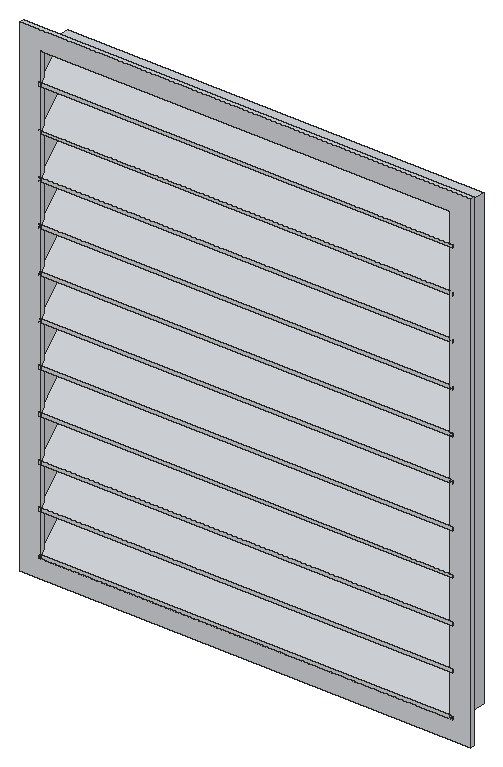
Revit family "НЕВАТОМ_Решетка PH ОЦ_20220407", category Воздухораспределители, Revit 2017
Family settings
  Размер круглого соединителя = Использовать диаметр
  Тип детали = Нормальный
  На основе рабочей плоскости = Нет
  Всегда вертикально = Нет
  При загрузке вырезать с полостями = Нет
  Общий = Нет
  Точка расчета площади = Нет
Parameters (values of type "РЕШЕТКА РН")
  ТП [instance] = "РЕШЕТКА РН ОЦ"
  С = 25 mm  # constant formula
  Расход [instance] = 0.0 L/s
  Материал = Материал корпуса
  t ламелей = 1.5 mm  # constant formula
  Nevatom_URL = "https://t.me/NEVATOM_Bim_bot"
  N1 [instance] = size_lookup(ТП, "N", 0, A, B)  # 11
  N [instance] = N1  # 11
  L1 = 35 mm  # constant formula
  L = 45 mm  # constant formula
  B1 [instance] = B + 45 mm  # 545 mm
  B [instance] = 500 mm
  ADSK_Размер_Ширина [instance] = L  # 45 mm
  ADSK_Размер_Длина [instance] = B1  # 545 mm
  ADSK_Размер_Высота [instance] = A1  # 595 mm
  ADSK_Материал наименование = "Оцинковання сталь"  # constant formula
  A1 [instance] = A + 45 mm  # 595 mm
  A [instance] = 550 mm
  ADSK_Расход воздуха = 0.0 L/s
  ADSK_Примечание = ""
  ADSK_Потеря давления воздуха = 0.0 Pa
  ADSK_Позиция = ""
  ADSK_Наименование = "РЕШЕТКА"
  ADSK_Масса_Текст = "кг"
  ADSK_Масса = 0
  ADSK_Марка [instance] = size_lookup(ТП, "", "Ошибка типоразмера", A, B)  # "РН-550х500-45-50-ОЦ.-1.0"
  ADSK_Код изделия = ""
  ADSK_Завод-изготовитель = "NEVATOM"
  ADSK_Единица измерения = "шт"
Reference planes
  plane 1 "По центру (Вперед/Назад)": y = 0
  plane 2: z = 0
  plane 3 "По центру (Влево/Вправо)": x = 0
  plane 4: y = 22.5
  plane 5: y = -22.5
  plane 6: x = -272.5
  plane 7: x = -250
  plane 8: x = 250
  plane 9: x = 272.5
  plane 10: z = 297.5
  plane 11: z = -297.5
  plane 12: z = 275
  plane 13: z = -275
  plane 14: y = 12.5
  plane 15: x = -247.5
  plane 16: x = 247.5
Forms (mm)
  Extrusion 1, solid
    sketch origin (0, 0, 0) x (1, 0, 0) y (0, 0, 1)
      loop
        line (-272.5, 297.5) -> (-272.5, -297.5) -> (272.5, -297.5) -> (272.5, 297.5) -> (-272.5, 297.5)
      loop
        line (-247.5, 275) -> (-247.5, -275) -> (247.5, -275) -> (247.5, 275) -> (-247.5, 275)
    from 17.5 to 22.5
  Extrusion 2, solid
    sketch origin (0, 0, 0) x (1, 0, 0) y (0, 0, 1)
      loop
        line (-250, 275) -> (-250, -275) -> (250, -275) -> (250, 275) -> (-250, 275)
      loop
        line (-251.5, 276.5) -> (-251.5, -276.5) -> (251.5, -276.5) -> (251.5, 276.5) -> (-251.5, 276.5)
    from -22.5 to 17.5
Dimensions and locks
  equal spacing: plane 4, plane 1 "По центру (Вперед/Назад)", plane 5
  "L": plane 4 to plane 5
  equal spacing: plane 7, plane 3 "По центру (Влево/Вправо)", plane 8
  "B": plane 7 to plane 8
  equal spacing: plane 6, plane 3 "По центру (Влево/Вправо)", plane 9
  "B1": plane 6 to plane 9
  equal spacing: plane 12, level, plane 13
  "A": plane 12 to plane 13
  equal spacing: plane 10, level, plane 11
  "A1": plane 10 to plane 11
  "t ламелей": Extrusion 2 sketch curve to plane 12
  "t ламелей": Extrusion 2 sketch curve to plane 8
  "t ламелей": plane 7 to Extrusion 2 sketch curve
  "t ламелей": plane 13 to Extrusion 2 sketch curve
  locked: Extrusion 1 to plane 5 at 5
  equal spacing: group 1, group 3, group 4, group 5, group 6, group 7, group 8, group 9, group 10, group 11, group 2  (x3)
  "L1": plane 14 to plane 5
  plane 7 to plane 8 = 500 mm
  "С": plane 16 to plane 9
  "С": plane 6 to plane 15
  aligned and locked: level to plane 2
  aligned and locked: Extrusion 1 sketch curve to plane 10
  aligned and locked: plane 6 to Extrusion 1 sketch curve
  aligned and locked: plane 11 to Extrusion 1 sketch curve
  aligned and locked: Extrusion 1 sketch curve to plane 9
  aligned and locked: Extrusion 1 to plane 5
  aligned and locked: plane 4 to Extrusion 2
  aligned and locked: Extrusion 2 to Extrusion 1
  aligned and locked: nested 1 to plane 3 "По центру (Влево/Вправо)"
  aligned and locked: plane 12 to nested 2
  aligned and locked: plane 13 to nested 1
  aligned and locked: plane 14 to nested 2
  aligned and locked: nested 1 to plane 14
  aligned and locked: plane 15 to Extrusion 1 sketch curve
  aligned and locked: Extrusion 1 sketch curve to plane 16
  aligned and locked: nested 12 to Extrusion 2  (x2)
  aligned and locked: Extrusion 2 to nested 12
Automatic sketch dimensions
  Extrusion 1 sketch curve to plane 13 = 0 mm
  Extrusion 1 sketch curve to plane 12 = 0 mm
  Extrusion 2 sketch curve to plane 7 = 0 mm
  Extrusion 2 sketch curve to plane 8 = 0 mm
  Extrusion 2 sketch curve to plane 13 = 0 mm
  Extrusion 2 sketch curve to plane 12 = 0 mm
Nested families
  nested 1: "Семейство1" at (0, 12.5, -235.757), type "Семейство1"
    with l 35 mm, A 500 mm
  nested 2: "Семейство1" at (0, 12.5, 275), type "Семейство1"
    with l 35 mm, A 500 mm
  nested 3: "Семейство1" at (0, 12.5, -184.682), type "Семейство1"
    with l 35 mm, A 500 mm
  nested 4: "Семейство1" at (0, 12.5, -133.606), type "Семейство1"
    with l 35 mm, A 500 mm
  nested 5: "Семейство1" at (0, 12.5, -82.53), type "Семейство1"
    with l 35 mm, A 500 mm
  nested 6: "Семейство1" at (0, 12.5, -31.454), type "Семейство1"
    with l 35 mm, A 500 mm
  nested 7: "Семейство1" at (0, 12.5, 19.621), type "Семейство1"
    with l 35 mm, A 500 mm
  nested 8: "Семейство1" at (0, 12.5, 70.697), type "Семейство1"
    with l 35 mm, A 500 mm
  nested 9: "Семейство1" at (0, 12.5, 121.773), type "Семейство1"
    with l 35 mm, A 500 mm
  nested 10: "Семейство1" at (0, 12.5, 172.849), type "Семейство1"
    with l 35 mm, A 500 mm
  nested 11: "Семейство1" at (0, 12.5, 223.924), type "Семейство1"
    with l 35 mm, A 500 mm
  nested 12: "НЕВАТОМ_QR-AxB" at (-239, 10, 276.5), type "Nevatom_Logo_25x25", not visible
Connectors
  hvac at (0, 22.5, 0), driven by "A", driven by "B", driven by "Расход"
    settings: on Extrusion 2, index 1, duct flow 0.0 L/s, flow factor 0, pres drop 0.0 Pa, loss coef 0, conn angle 0.00°, conn width 500 mm, conn height 550 mm, conn diameter 609.6 mm, duct sys type 29, conn prof type 1, flow config 1, flow direction 0, loss method 0, conn ref index -1, conn util no, is conn primary yes, conn desc ""
Definition of nested family "Семейство1"
  Parameters (values of type "Семейство1")
    t = 3 mm
    l = 30 mm
    A = 380 mm
  Reference planes
    plane 1 "По центру (Вперед/Назад)": y = 0
    plane 2: z = 0
    plane 3 "По центру (Влево/Вправо)": x = 0
    plane 4: through (0, 0, 0) normal (0, -0.7071, -0.7071)
    plane 5: x = -190
    plane 6: x = 190
    plane 7: through (0, -5.385, 5.385) normal (0, -0.7071, 0.7071)
    plane 8: y = 30
  Forms (mm)
    Extrusion 1, solid
      sketch origin (0, 0, 0) x (0, 1, 0) y (0, 0, 1)
        loop
          line (30, -34.243) -> (30, -30) -> (0, 0) -> (0, -4.243) -> (30, -34.243)
      from -190 to 190
  Dimensions and locks
    "t": Extrusion 1 sketch curve to plane 4
    equal spacing: plane 5, plane 3 "По центру (Влево/Вправо)", plane 6
    "A": plane 5 to plane 6
    "l": plane 8 to plane 1 "По центру (Вперед/Назад)"
    locked: level to plane 4 (angle 45.00°)
    aligned and locked: level to plane 2
    aligned and locked: plane 1 "По центру (Вперед/Назад)" to Extrusion 1 sketch curve
    aligned and locked: Extrusion 1 to plane 5
    aligned and locked: plane 6 to Extrusion 1
    aligned and locked: Extrusion 1 sketch curve to plane 8
  Automatic sketch dimensions
    plane 4 to Extrusion 1 sketch curve = 0 mm
    Extrusion 1 sketch curve to level = 0 mm
Definition of nested family "НЕВАТОМ_QR-AxB"
  Parameters (values of type "Nevatom_Logo_25x25")
    Logo_Image = none
    L = 2 mm
    B = A  # 25 mm
    A = 25 mm
  Types (5, lengths in mm): name | B | A
    (no name) | 25 | 25
    Nevatom_Logo_200x200 | 200 | 200
    Nevatom_Logo_100x100 | 100 | 100
    Nevatom_Logo_50x50 | 50 | 50
    Nevatom_Logo_25x25 | 25 | 25
  Reference planes
    plane 1 "По центру (Вперед/Назад)": y = 0
    plane 2: z = 0
    plane 3 "По центру (Влево/Вправо)": x = 0
    plane 4: x = -12.5
    plane 5: x = 12.5
    plane 6: y = 12.5
    plane 7: y = -12.5
  Forms (mm)
    Extrusion 1, solid, material <- "Logo_Image"
      sketch origin (0, 0, 0) x (1, 0, 0) y (0, 1, 0)
        loop
          line (-12.5, 12.5) -> (-12.5, -12.5) -> (12.5, -12.5) -> (12.5, 12.5) -> (-12.5, 12.5)
      from 0 to 2 <- "L"
  Lines and regions (mm)
    reference lines
      curve 1: line (-12.5, 12.5, 0) -> (12.5, 12.5, 0)
      curve 2: line (12.5, 12.5, 0) -> (12.5, -12.5, 0)
      curve 3: line (12.5, -12.5, 0) -> (-12.5, -12.5, 0)
      curve 4: line (-12.5, -12.5, 0) -> (-12.5, 12.5, 0)
  Dimensions and locks
    equal spacing: plane 4, plane 3 "По центру (Влево/Вправо)", plane 5
    "A": plane 4 to plane 5
    equal spacing: plane 6, plane 1 "По центру (Вперед/Назад)", plane 7
    "B": plane 6 to plane 7
    aligned and locked: level to plane 2
    aligned and locked: plane 6 to curve 1
    aligned and locked: plane 4 to curve 4
    aligned and locked: plane 5 to curve 2
    aligned and locked: plane 7 to curve 3
    aligned and locked: Extrusion 1 sketch curve to curve 1
    aligned and locked: Extrusion 1 sketch curve to curve 4
    aligned and locked: Extrusion 1 sketch curve to curve 3
    aligned and locked: Extrusion 1 sketch curve to curve 2
